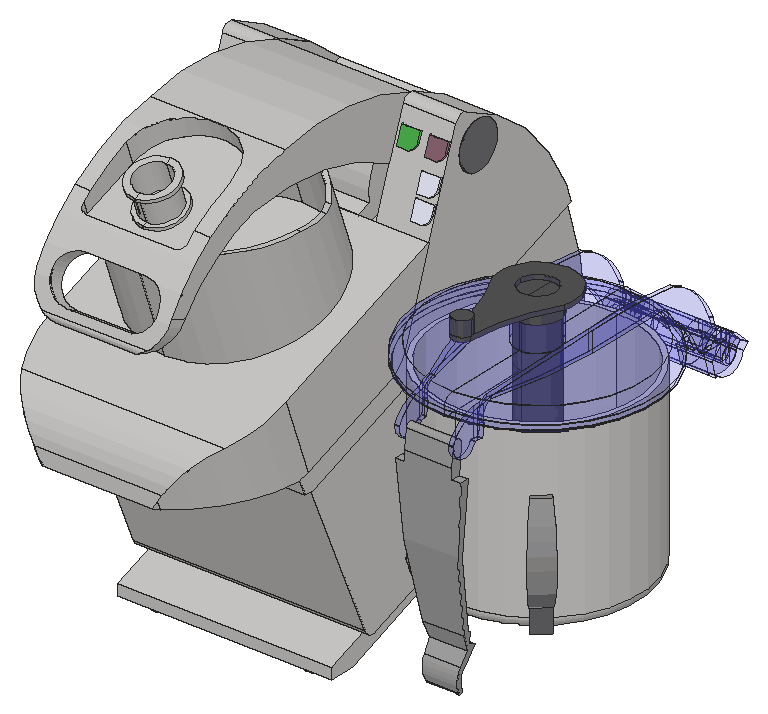
Revit family "QF_ELECTROLUXPROFESSIONAL_600493_TRK45YU", category Specialty Equipment, Revit 2018
Family settings
  Round Connector Dimension = Use Diameter
  Part Type = Normal
  Work Plane-Based = No
  Always vertical = Yes
  Cut with Voids When Loaded = No
  Shared = No
  Room Calculation Point = No
Parameters (values of type "QF_ELECTROLUX_600493_TRK45YU")
  Weight = 27.40 kg
  Watts = 0 W
  Volts = 110 V
  URL Manufacturer = "http://professional.electrolux.com"
  URL = "http://professional.electrolux.com"
  Steam Supply Size = 0 mm
  Steam Supply Minimum Pressure = 0.0 Pa
  Steam Supply Maximum Pressure = 0.0 Pa
  Steam Pounds per Hour = 0
  Refrigeration Suction Line Size = 0 mm
  Refrigeration Liquid Line Size = 0 mm
  Refrigerant Compressor Remote = yes
  Manufacturer = "Electrolux"
  Phase = 1
  Model = "TRK45YU"
  Length Actual = 252 mm  # constant formula
  Item Number = "600493"
  Hot Water Size = 0 mm
  Height Actual = 505 mm  # constant formula
  HP = "1.3 HP"
  Gas Size = 0 mm
  Gas KW = 0
  Gas Input Pressure = 0 W
  Direct Waste Size = 0 mm
  Description = "CUTTER/SLICER 4.5L VARIAB.SPEED-1000W-100-120/1/50-60-US"
  Depth Actual = 485 mm  # constant formula
  Cycle = 60 Hz
  Condensate Return Size = 0 mm
  Compressed Air Volume = 0.0 L/s
  Compressed Air Size = 0 mm
  Compressed Air Pressure = 0.0 Pa
  Cold Water Size = 0 mm
  Accessory = yes
Reference planes
  plane 1 "Center (Front/Back)": y = 0
  plane 2: z = 0
  plane 3 "Center (Left/Right)": x = 0
  plane 4 "BASE": through (-1506.947, -1354.442, -482.669) normal (0, -0.342, 0.9397)
  plane 5 "TOP": z = 725
  plane 6 "FRONT": y = -250
  plane 7 "BACK": y = 250
  plane 8 "LEFT": x = -126
  plane 9 "RIGHT": x = 126
  plane 10 "BaseSup": through (4267.2, -355.454, 143.983) normal (0, -0.342, 0.9397)
  plane 11 "TopCylinder": z = 505
  plane 12 "panel": through (4267.2, 37.396, 376.789) normal (0, -0.9397, 0.342)
  plane 13 "TAN1": through (4267.2, -242.8, 386.84) normal (0, -0.868, 0.4965)
  plane 14 "cx": x = -4.392
  plane 15: z = 490
  plane 16: z = 685
  plane 17 "EI_1": z = 320
  plane 18: z = 224
  plane 19 "SupportOblique": through (4267.2, 163.975, 96.815) normal (0, 0.809, 0.5878)
  plane 20 "CX2": x = 350
Forms (mm)
  Extrusion 1, solid, material "QF_Finishes_Stainless Steel"
    sketch origin (0, 71.755, 29.173) x (0, 0.939693, 0.34202) y (0, -0.34202, 0.939693)
      loop
        line (196.964, 40) -> (-146.726, 40) -> (-150.519, 29.578) -> (-124.204, 20) -> (196.964, 20) -> (196.964, 40)
    from -114.1 to 114.1
  Extrusion 2, solid, material "QF_Finishes_Stainless Steel"
    sketch origin (0, 71.755, 29.173) x (0, 0.939693, 0.34202) y (0, -0.34202, 0.939693)
      loop
        arc (-117.754, 231.836) -> (-115.679, 141.222) -> (-107.501, 50.953) r 1344.145
        arc (-107.501, 50.953) -> (-103.371, 43.13) -> (-95.098, 40) r 12.5
        line (-95.098, 40) -> (191.415, 40)
        arc (191.415, 40) -> (200.799, 44.052) -> (207.001, 52.177) r 20.212
        arc (207.001, 52.177) -> (236.663, 139.796) -> (245.906, 231.836) r 409.593
        line (245.906, 231.836) -> (-117.754, 231.836)
    from -123.6 to 123.2
  Extrusion 3, solid, material "QF_Finishes_Stainless Steel"
    sketch origin (0, 71.755, 29.173) x (0, 0.939693, 0.34202) y (0, -0.34202, 0.939693)
      loop
        line (-117.754, 231.836) -> (250, 231.836) -> (250, 254)
        arc (250, 254) -> (225.127, 344.7) -> (167.861, 419.303) r 244.524
        arc (167.861, 419.303) -> (160.498, 421.774) -> (153.587, 418.23) r 10
        line (153.587, 418.23) -> (25.432, 265.5)
        arc (25.432, 265.5) -> (14.376, 257.016) -> (0.77, 254) r 32.194
        line (0.77, 254) -> (-128.224, 254) -> (-128.224, 236.946) -> (-117.754, 231.836)
    from -125 to 125
  Extrusion 4, void
    sketch origin (0, 71.755, 29.173) x (0, 0.939693, 0.34202) y (0, -0.34202, 0.939693)
      loop
        line (146.605, 338.403) -> (228.145, 338.403)
        arc (228.145, 338.403) -> (202.221, 381.996) -> (167.861, 419.303) r 244.524
        arc (167.861, 419.303) -> (160.498, 421.774) -> (153.587, 418.23) r 10
        line (153.587, 418.23) -> (72.34, 321.403) -> (146.605, 321.403) -> (146.605, 338.403)
    from -76.755 to 68.071
  Extrusion 5, solid, material "QF_Finishes_Stainless Steel"
    sketch origin (0, 71.755, 29.173) x (0, 0.939693, 0.34202) y (0, -0.34202, 0.939693)
      loop
        line (86.605, 338.403) -> (69.605, 321.403) -> (146.605, 321.403) -> (146.605, 338.403) -> (138.179, 338.403) -> (138.179, 369.367)
        arc (138.179, 369.367) -> (147.784, 373.474) -> (158.149, 372.174) r 19.987
        arc (158.149, 372.174) -> (156.791, 382.001) -> (162.888, 389.826) r 12.748
        arc (162.888, 389.826) -> (123.302, 374.774) -> (101.605, 338.403) r 64.447
        line (101.605, 338.403) -> (86.605, 338.403)
    from -65 to 50
  Extrusion 6, solid, material "QF_Finishes_Stainless Steel"
    sketch origin (539, 71.755, 29.173) x (0, -0.939693, -0.34202) y (0, -0.34202, 0.939693)
      loop
        circle (-169.102, 378.696) r 12.748
    from 489 to 604
  Extrusion 7, solid, material "QF_Finishes_Rubber Black"
    sketch origin (0, 71.755, 29.173) x (0, 0.939693, 0.34202) y (0, -0.34202, 0.939693)
      loop
        circle (169.102, 378.696) r 25
    from 125 to 126.6
  Extrusion 8, solid, material "QF_Finishes_Green"
    sketch origin (-10, -113.728, -38.42) x (0, -0.34202, -0.939693) y (1, 0, 0)
      loop
        line (-529.862, 82.865) -> (-509.862, 82.865) -> (-509.862, 92.865)
        arc (-509.862, 92.865) -> (-512.791, 99.936) -> (-519.862, 102.865) r 10
        line (-519.862, 102.865) -> (-529.862, 102.865) -> (-529.862, 82.865)
    from 0 to 1.6
  Extrusion 9, solid, material "QF_Finishes_Red"
    sketch origin (20, -113.728, -38.42) x (0, -0.34202, -0.939693) y (1, 0, 0)
      loop
        line (-529.862, 82.865) -> (-509.862, 82.865) -> (-509.862, 92.865)
        arc (-509.862, 92.865) -> (-512.791, 99.936) -> (-519.862, 102.865) r 10
        line (-519.862, 102.865) -> (-529.862, 102.865) -> (-529.862, 82.865)
    from 0 to 1.6
  Extrusion 10, solid, material "QF_Finishes_Rubber Black"
    sketch origin (-20, -293.925, 99.376) x (0, -1, 0) y (1, 0, 0)
      loop
        circle (-230.144, 103.748) r 10
      loop
        circle (-230.144, -61.252) r 10
    from 9.274 to 3.787
  Extrusion 11, void
    sketch origin (-20.94, 306.731, 139.428) x (-1, 0, 0) y (0, -0.34202, 0.939693)
      loop
        circle (-20.94, 196.093) r 10
    from -1.916 to -26.433
  Extrusion 12, solid, material "QF_Finishes_Stainless Steel"
    sketch origin (-20.94, 306.678, 139.573) x (-1, 0, 0) y (0, -0.34202, 0.939693)
      loop
        circle (-20.94, 195.939) r 9.999
    from -8.514 to -26.433
  Extrusion 13, solid, material "QF_Finishes_Stainless Steel"
    sketch origin (0, -15.119, 267.855) x (0, -0.939693, -0.34202) y (1, 0, 0)
      loop
        line (-86.605, -125) -> (117.754, -125)
        arc (117.754, -125) -> (182.577, -108.838) -> (232.224, -64.135) r 138.076
        arc (232.224, -64.135) -> (246.337, -33.516) -> (250, 0) r 104.824
        arc (250, 0) -> (246.337, 33.516) -> (232.224, 64.135) r 104.824
        arc (232.224, 64.135) -> (182.577, 108.838) -> (117.754, 125) r 138.076
        line (117.754, 125) -> (-86.605, 125) -> (-86.605, -125)
    from 0 to 84.403
  Extrusion 14, void
    sketch origin (0, 71.755, 29.173) x (0, 0.939693, 0.34202) y (0, -0.34202, 0.939693)
      loop
        line (-183.149, 338.403) -> (-263.395, 338.403) -> (-263.395, 254) -> (-128.224, 254) -> (-235.716, 293.124) -> (-229.509, 307.133)
        arc (-229.509, 307.133) -> (-211.109, 329.855) -> (-183.149, 338.403) r 50
      loop
        line (86.605, 338.403) -> (25.432, 265.5)
        arc (25.432, 265.5) -> (14.376, 257.016) -> (0.77, 254) r 32.194
        line (0.77, 254) -> (86.605, 254) -> (86.605, 338.403)
    from -156.555 to 144.79
  Extrusion 15, solid, material "QF_Finishes_Rubber Black"
    sketch origin (-20, -255.757, 37.007) x (0, -0.939693, -0.34202) y (1, 0, 0)
      loop
        circle (-230.144, 103.748) r 10
      loop
        circle (-230.144, -61.252) r 10
    from -1.968 to 3.787
  Extrusion 16, solid, material "QF_Finishes_Stainless Steel"
    sketch origin (0, 0, 0) x (0, 1, 0) y (0, 0, 1)
      loop
        arc (-237.987, 360.286) -> (-193.334, 422.101) -> (-125.907, 457.716) r 167.502
        arc (-125.907, 457.716) -> (-32.614, 457.202) -> (54.785, 424.565) r 266.494
        line (54.785, 424.565) -> (73.036, 474.711)
        arc (73.036, 474.711) -> (77.269, 479.853) -> (83.792, 481.198) r 10
        arc (83.792, 481.198) -> (1.801, 503.572) -> (-83.051, 498.734) r 263.981
        arc (-83.051, 498.734) -> (-135.605, 484.534) -> (-183.511, 458.675) r 236.13
        arc (-183.511, 458.675) -> (-222.818, 420.732) -> (-248.457, 372.49) r 174.407
        arc (-248.457, 372.49) -> (-249.83, 368.135) -> (-247.05, 364.513) r 4.945
        line (-247.05, 364.513) -> (-237.987, 360.286)
    from -76.755 to 68.071
  Extrusion 17, void
    sketch origin (0, -252.846, 369.279) x (0, -0.496521, -0.868025) y (1, 0, 0)
      loop
        line (-13.723, -36.755) -> (-13.723, 28.071)
        arc (-13.723, 28.071) -> (-38.723, 53.071) -> (-63.723, 28.071) r 25
        line (-63.723, 28.071) -> (-63.723, -36.755)
        arc (-63.723, -36.755) -> (-38.723, -61.755) -> (-13.723, -36.755) r 25
    from -148.493 to 7.125
  Extrusion 18, void
    sketch origin (0, -88.076, 32.057) x (0, -0.34202, -0.939693) y (1, 0, 0)
      loop
        line (-257.162, 68.071) -> (-297.162, 68.071)
        arc (-297.162, 68.071) -> (-268.878, 56.356) -> (-257.162, 28.071) r 40
        line (-257.162, 28.071) -> (-257.162, 68.071)
      loop
        line (-257.162, -76.755) -> (-257.162, -36.755)
        arc (-257.162, -36.755) -> (-268.878, -65.039) -> (-297.162, -76.755) r 40
        line (-297.162, -76.755) -> (-257.162, -76.755)
    from 233.374 to 280.473
  Extrusion 19, void
    sketch origin (0, -73.76, 246.511) x (0, -0.939693, -0.34202) y (1, 0, 0)
      loop
        spline (50.415, 43.499) -> (50.302, 44.538) -> (50.07, 45.551) -> (49.722, 46.523) -> (49.265, 47.436) -> (48.705, 48.278) -> (48.053, 49.034) -> (47.317, 49.692) -> (46.511, 50.241) -> (45.647, 50.674) -> (44.738, 50.981) -> (43.801, 51.16) -> (42.848, 51.221)
        line (42.848, 51.221) -> (-21.826, 51.221)
        arc (-21.826, 51.221) -> (-77.476, -4.429) -> (-21.826, -60.078) r 55.65
        line (-21.826, -60.078) -> (42.849, -60.064)
        spline (42.849, -60.064) -> (43.796, -60.017) -> (44.73, -59.836) -> (45.637, -59.525) -> (46.5, -59.088) -> (47.306, -58.532) -> (48.042, -57.867) -> (48.695, -57.103) -> (49.256, -56.253) -> (49.715, -55.331) -> (50.065, -54.351) -> (50.3, -53.329) -> (50.415, -52.283)
        line (50.415, -52.283) -> (50.415, 43.499)
    from 219.928 to 259.975
  Extrusion 20, void
    sketch origin (0, -87.856, 241.381) x (0, -0.939693, -0.34202) y (1, 0, 0)
      loop
        circle (-4.976, -4.429) r 22.5
    from 184.171 to 259.975
  Extrusion 21, solid, material "QF_Finishes_Stainless Steel"
    sketch origin (0, -57.13, 252.564) x (0, -0.939693, -0.34202) y (1, 0, 0)
      loop
        circle (-27.476, -4.429) r 100
      loop
        circle (-27.476, -4.429) r 95
    from 84.403 to 219.928
  Extrusion 22, void
    sketch origin (539, 0, 0) x (0, -1, 0) y (0, 0, 1)
      loop
        line (-7.229, 448.453) -> (38.883, 431.669) -> (53.883, 431.669) -> (97.232, 435.738) -> (172.232, 435.738) -> (200.5, 434.424) -> (12.562, 502.828) -> (-7.229, 448.453)
    from 424.9 to 664
  Revolve 23, solid, material "QF_Finishes_Stainless Steel"
    sketch origin (-4.392, 0, 0) x (0, 1, 0) y (0, 0, 1)
      loop
        line (-159.523, 452.833) -> (-177.266, 446.376) -> (-188.766, 477.973) -> (-195.199, 475.631) -> (-193.959, 472.225) -> (-189.261, 473.935) -> (-179, 445.744) -> (-183.698, 444.034) -> (-182.575, 440.948) -> (-179.543, 442.052) -> (-133.191, 314.7) -> (-112.048, 322.396) -> (-159.523, 452.833)
      axis (-112.048, 322.396) -> (-171.023, 484.431)
    angle from 0 to 360
  Extrusion 24, solid, material "QF_Door-Drawer Clearances", detail levels coarse
    sketch origin (0, -262.072, 735.095) x (0, -0.581279, -0.813704) y (0, 0.813704, -0.581279)
      loop
        arc (-237.987, 360.286) -> (-193.334, 422.101) -> (-125.907, 457.716) r 167.502
        arc (-125.907, 457.716) -> (-61.925, 460.915) -> (0.971, 448.753) r 266.494
        arc (0.971, 448.753) -> (-2.208, 475.472) -> (-2.432, 502.379) r 244.524
        arc (-2.432, 502.379) -> (-31.549, 503.211) -> (-60.594, 500.999) r 278.64
        arc (-60.594, 500.999) -> (-125.023, 488.463) -> (-183.511, 458.675) r 236.13
        arc (-183.511, 458.675) -> (-222.818, 420.732) -> (-248.457, 372.49) r 174.407
        arc (-248.457, 372.49) -> (-249.83, 368.135) -> (-247.05, 364.513) r 4.945
        line (-247.05, 364.513) -> (-237.987, 360.286)
    from -76.755 to 68.071
  Extrusion 25, solid, material "QF_Door-Drawer Clearances", detail levels coarse
    sketch origin (-4.392, 0, -55) x (0, 1, 0) y (0, 0, 1)
      loop
        arc (180.062, 780.324) -> (-149.234, 694.151) -> (-249.905, 368.994) r 350.321
        line (-249.905, 368.994) -> (-246.546, 377.767)
        arc (-246.546, 377.767) -> (-144.345, 691.9) -> (174.993, 776.44) r 345.321
        line (174.993, 776.44) -> (180.062, 780.324)
    from -60 to 60
  Extrusion 26, solid, material "QF_Finishes_Rubber Black"
    sketch origin (-20, -20.834, 122.512) x (0, -0.939693, -0.34202) y (1, 0, 0)
      loop
        circle (-230.144, 103.748) r 10
      loop
        circle (-230.144, -61.252) r 10
    from -1.968 to 3.787
  Extrusion 27, void
    sketch origin (-4.392, 0, 0) x (0, 1, 0) y (0, 0, 1)
      loop
        circle (163.975, 96.815) r 5.399
    from -121.608 to 130.392
  Sweep 28, solid, material "QF_Finishes_Stainless Steel"
    path origin (0, 153.361, 111.423) x (0, -0.587785, 0.809017) y (1, 0, 0)
      loop
        line (-133.401, 56) -> (-133.401, 112.5)
        arc (-133.401, 112.5) -> (-130.472, 119.571) -> (-123.401, 122.5) r 10
        line (-123.401, 122.5) -> (-28.058, 122.5)
        arc (-28.058, 122.5) -> (-20.987, 119.571) -> (-18.058, 112.5) r 10
        line (-18.058, 112.5) -> (-18.058, -112.5)
        arc (-18.058, -112.5) -> (-20.987, -119.571) -> (-28.058, -122.5) r 10
        line (-28.058, -122.5) -> (-123.401, -122.5)
        arc (-123.401, -122.5) -> (-130.472, -119.571) -> (-133.401, -112.5) r 10
        line (-133.401, -112.5) -> (-133.401, -56)
    profile origin (84.25, 231.772, 3.5) x (0, 0.587785, -0.809017) y (0, 0.809017, 0.587785)
      loop
        circle (0, 0) r 3.5
  Extrusion 29, void
    sketch origin (-4.392, 0, 0) x (0, 1, 0) y (0, 0, 1)
      loop
        line (50.281, 42.641) -> (71.708, 50.44) -> (64.376, 57.771) -> (50.281, 52.641) -> (50.281, 42.641)
    from -119.208 to -51.608
  Extrusion 30, void
    sketch origin (4.392, 0, 0) x (0, 1, 0) y (0, 0, -1)
      loop
        line (50.281, -42.641) -> (50.281, -52.641) -> (64.376, -57.771) -> (71.708, -50.44) -> (50.281, -42.641)
    from -119.208 to -51.608
  Extrusion 31, solid, material "QF_Door-Drawer Clearances", detail levels coarse
    sketch origin (350, -160.4, -17.118) x (0, -0.34202, -0.939693) y (0, -0.939693, 0.34202)
      loop
        line (-206.754, 118.191) -> (-331.133, -223.538)
        arc (-331.133, -223.538) -> (-241.482, -246.331) -> (-149.003, -248.426) r 409.593
        arc (-149.003, -248.426) -> (-139.246, -245.378) -> (-132.229, -237.945) r 20.212
        line (-132.229, -237.945) -> (-34.236, 31.289)
        arc (-34.236, 31.289) -> (-34.347, 40.134) -> (-40.286, 46.691) r 12.5
        arc (-40.286, 46.691) -> (-122.314, 85.249) -> (-206.754, 118.191) r 1344.145
    from -123.6 to 123.2
  Extrusion 32, solid, material "QF_Door-Drawer Clearances", detail levels coarse
    sketch origin (350, -160.4, -17.118) x (0, -0.34202, -0.939693) y (0, -0.939693, 0.34202)
      loop
        line (-134.127, -243.16) -> (-115.333, -250) -> (-5.487, 51.799) -> (-5.487, 79.803) -> (-16.578, 79.803) -> (-134.127, -243.16)
    from -114.1 to 114.1
  Extrusion 33, solid, material "QF_Door-Drawer Clearances", detail levels coarse
    sketch origin (330, -388.076, 105.131) x (0, -1, 0) y (1, 0, 0)
      loop
        circle (-230.144, 103.748) r 10
      loop
        circle (-230.144, -61.252) r 10
    from -1.968 to 3.787
  Extrusion 34, solid, material "QF_Door-Drawer Clearances", detail levels coarse
    sketch origin (330, -138.076, 105.131) x (0, -1, 0) y (1, 0, 0)
      loop
        circle (-230.144, 103.748) r 10
      loop
        circle (-230.144, -61.252) r 10
    from -1.968 to 3.787
  Extrusion 35, solid, material "QF_Door-Drawer Clearances", detail levels coarse
    sketch origin (0, 250, 0) x (-1, 0, 0) y (0, 0, 1)
      loop
        circle (-350, 200) r 10
    from -89.12 to -78.665
  Extrusion 36, solid, material "QF_Finishes_White"
    sketch origin (20, -124.661, -68.457) x (0, -0.34202, -0.939693) y (1, 0, 0)
      loop
        line (-529.862, 82.865) -> (-509.862, 82.865) -> (-509.862, 92.865)
        arc (-509.862, 92.865) -> (-512.791, 99.936) -> (-519.862, 102.865) r 10
        line (-519.862, 102.865) -> (-529.862, 102.865) -> (-529.862, 82.865)
    from 0 to 1.6
  Extrusion 37, solid, material "QF_Finishes_White"
    sketch origin (20, -132.869, -91.01) x (0, -0.34202, -0.939693) y (1, 0, 0)
      loop
        line (-529.862, 82.865) -> (-509.862, 82.865) -> (-509.862, 92.865)
        arc (-509.862, 92.865) -> (-512.791, 99.936) -> (-519.862, 102.865) r 10
        line (-519.862, 102.865) -> (-529.862, 102.865) -> (-529.862, 82.865)
    from 0 to 1.6
Cuts and joins
  Extrusion 4, Extrusion 18, Extrusion 19, Extrusion 20 cuts Extrusion 3
  Extrusion 14, Extrusion 18, Extrusion 19, Extrusion 20 cuts Extrusion 13
  Extrusion 17, Extrusion 18, Extrusion 19, Extrusion 20 cuts Extrusion 16
  Extrusion 11, Extrusion 19, Extrusion 20 cuts Extrusion 2
  Extrusion 22 cuts Extrusion 21
  Extrusion 27, Extrusion 29, Extrusion 30 cuts Extrusion 1
Lines and regions (mm)
  Split face 1
    outline origin (125, 73.036, 474.711) x (-1, 0, 0) y (0, -0.34202, -0.939693)
      loop
        arc (0, 8) -> (1.464, 4.464) -> (5, 3) r 5
        line (5, 3) -> (51.929, 3)
        arc (51.929, 3) -> (55.464, 4.464) -> (56.929, 8) r 5
        line (56.929, 8) -> (56.929, 96.206)
        arc (56.929, 96.206) -> (55.464, 99.742) -> (51.929, 101.206) r 5
        line (51.929, 101.206) -> (5, 101.206)
        arc (5, 101.206) -> (1.464, 99.742) -> (0, 96.206) r 5
        line (0, 96.206) -> (0, 8)
  symbolic lines
    curve 1: line (-76.755, 170.4, 0) -> (-76.755, -235.217, 0)
    curve 2: line (68.071, -235.135, 0) -> (68.071, 170.4, 0)
    curve 3: line (-76.755, 83.792, 0) -> (68.071, 83.792, 0)
    curve 4: line (-76.755, 170.4, 0) -> (68.071, 170.4, 0)
    curve 5: line (68.071, -83.051, 0) -> (-76.755, -83.051, 0)
    curve 6: line (-60.078, -136.967, 0) -> (51.221, -136.967, 0)
    curve 7: line (-60.078, -128.47, 0) -> (-60.078, -194.06, 0)
    curve 8: line (51.221, -193.76, 0) -> (51.221, -128.47, 0)
    curve 9: spline (-52.282, -199.891, 0) -> (-53.276, -199.815, 0) -> (-54.25, -199.647, 0) -> (-55.19, -199.39, 0) -> (-56.081, -199.046, 0) -> (-56.909, -198.622, 0) -> (-57.663, -198.124, 0) -> (-58.331, -197.559, 0) -> (-58.902, -196.936, 0) -> (-59.369, -196.264, 0) -> (-59.724, -195.553, 0) -> (-59.961, -194.815, 0) -> (-60.078, -194.06, 0)
    curve 10: line (43.499, -199.901, 0) -> (-52.283, -199.901, 0)
    curve 11: spline (51.218, -193.76, 0) -> (51.156, -194.554, 0) -> (50.964, -195.333, 0) -> (50.645, -196.085, 0) -> (50.204, -196.798, 0) -> (49.648, -197.459, 0) -> (48.986, -198.058, 0) -> (48.229, -198.586, 0) -> (47.39, -199.033, 0) -> (46.483, -199.392, 0) -> (45.521, -199.658, 0) -> (44.521, -199.826, 0) -> (43.499, -199.893, 0)
    curve 12: spline (-4.392, -146.848, 0) -> (-11.05, -147.672, 0) -> (-17.255, -150.087, 0) -> (-22.583, -153.929, 0) -> (-26.672, -158.936, 0) -> (-29.242, -164.766, 0) -> (-30.119, -171.023, 0) -> (-29.242, -177.28, 0) -> (-26.672, -183.111, 0) -> (-22.583, -188.118, 0) -> (-17.255, -191.96, 0) -> (-11.05, -194.375, 0) -> (-4.392, -195.199, 0)
    curve 13: spline (-4.392, -195.199, 0) -> (2.267, -194.375, 0) -> (8.472, -191.96, 0) -> (13.8, -188.118, 0) -> (17.888, -183.111, 0) -> (20.459, -177.28, 0) -> (21.335, -171.023, 0) -> (20.459, -164.766, 0) -> (17.888, -158.936, 0) -> (13.8, -153.929, 0) -> (8.472, -150.087, 0) -> (2.267, -147.672, 0) -> (-4.392, -146.848, 0)
    curve 14: spline (-4.392, -188.766, 0) -> (-9.279, -188.162, 0) -> (-13.832, -186.389, 0) -> (-17.743, -183.569, 0) -> (-20.744, -179.895, 0) -> (-22.63, -175.616, 0) -> (-23.273, -171.023, 0) -> (-22.63, -166.431, 0) -> (-20.744, -162.152, 0) -> (-17.743, -158.477, 0) -> (-13.832, -155.658, 0) -> (-9.279, -153.885, 0) -> (-4.392, -153.281, 0)
    curve 15: spline (-4.392, -153.281, 0) -> (0.495, -153.885, 0) -> (5.049, -155.658, 0) -> (8.96, -158.477, 0) -> (11.96, -162.152, 0) -> (13.846, -166.431, 0) -> (14.49, -171.023, 0) -> (13.846, -175.616, 0) -> (11.96, -179.895, 0) -> (8.96, -183.569, 0) -> (5.049, -186.389, 0) -> (0.495, -188.162, 0) -> (-4.392, -188.766, 0)
    curve 16: spline (-22.254, -165.273, 0) -> (-20.617, -168.597, 0) -> (-18.289, -171.534, 0) -> (-15.368, -173.96, 0) -> (-11.98, -175.77, 0) -> (-8.268, -176.888, 0) -> (-4.392, -177.266, 0) -> (-0.515, -176.888, 0) -> (3.197, -175.77, 0) -> (6.585, -173.96, 0) -> (9.505, -171.534, 0) -> (11.834, -168.597, 0) -> (13.471, -165.273, 0)
    curve 17: spline (21.106, -162.743, 0) -> (21.02, -155.749, 0) -> (18.807, -149.071, 0) -> (14.651, -143.268, 0) -> (8.902, -138.825, 0) -> (2.04, -136.115, 0) -> (-5.361, -135.365, 0) -> (-12.68, -136.637, 0) -> (-19.306, -139.824, 0) -> (-24.683, -144.661, 0) -> (-28.361, -150.742, 0) -> (-30.034, -157.558, 0) -> (-29.559, -164.538, 0)
    curve 18: spline (15.591, -154.349, 0) -> (13.851, -150.277, 0) -> (11.185, -146.674, 0) -> (7.729, -143.723, 0) -> (3.657, -141.574, 0) -> (-0.824, -140.337, 0) -> (-5.485, -140.073, 0) -> (-10.091, -140.797, 0) -> (-14.408, -142.471, 0) -> (-18.216, -145.011, 0) -> (-21.322, -148.287, 0) -> (-23.569, -152.134, 0) -> (-24.843, -156.356, 0)
    curve 19: line (-36.755, -245.358, 0) -> (-36.755, -220.255, 0)
    curve 20: line (28.071, -220.255, 0) -> (28.071, -245.358, 0)
    curve 21: line (-36.755, -220.255, 0) -> (28.071, -220.255, 0)
    curve 22: line (-36.755, -231.961, 0) -> (28.071, -231.961, 0)
    curve 23: line (28.071, -245.358, 0) -> (-36.755, -245.358, 0)
    curve 24: arc (-36.755, -231.961, 0) -> (-47.346, -230.66, 0) -> (-57.309, -226.836, 0) r 43.78
    curve 25: arc (28.071, -231.961, 0) -> (38.611, -230.648, 0) -> (48.525, -226.836, 0) r 43.78
    curve 26: line (108.532, -216.09, 0) -> (68.016, -248.959, 0)
    curve 27: spline (108.532, -216.09, 0) -> (111.117, -211.341, 0) -> (113.492, -206.496, 0) -> (115.654, -201.564, 0) -> (117.598, -196.552, 0) -> (119.32, -191.469, 0) -> (120.82, -186.324, 0) -> (122.092, -181.125, 0) -> (123.137, -175.882, 0) -> (123.951, -170.603, 0) -> (124.533, -165.296, 0) -> (124.883, -159.972, 0) -> (125, -154.639, 0)
    curve 28: line (125, -154.639, 0) -> (125, 227.385, 0)
    curve 29: spline (63.971, -249.433, 0) -> (63.542, -249.481, 0) -> (63.11, -249.529, 0) -> (62.674, -249.577, 0) -> (62.235, -249.624, 0) -> (61.792, -249.672, 0) -> (61.346, -249.719, 0) -> (60.896, -249.766, 0) -> (60.442, -249.813, 0) -> (59.985, -249.86, 0) -> (59.525, -249.907, 0) -> (59.06, -249.954, 0) -> (58.593, -250, 0)
    curve 30: spline (68.016, -248.959, 0) -> (67.688, -248.999, 0) -> (67.358, -249.038, 0) -> (67.026, -249.078, 0) -> (66.693, -249.118, 0) -> (66.359, -249.157, 0) -> (66.022, -249.197, 0) -> (65.684, -249.236, 0) -> (65.345, -249.276, 0) -> (65.004, -249.315, 0) -> (64.661, -249.354, 0) -> (64.317, -249.394, 0) -> (63.971, -249.433, 0)
    curve 31: line (-68.016, -248.959, 0) -> (68.016, -248.959, 0)
    curve 32: line (-68.016, -248.959, 0) -> (-108.532, -216.09, 0)
    curve 33: spline (-63.971, -249.433, 0) -> (-64.317, -249.394, 0) -> (-64.661, -249.354, 0) -> (-65.004, -249.315, 0) -> (-65.345, -249.276, 0) -> (-65.684, -249.236, 0) -> (-66.022, -249.197, 0) -> (-66.359, -249.157, 0) -> (-66.693, -249.118, 0) -> (-67.026, -249.078, 0) -> (-67.358, -249.038, 0) -> (-67.688, -248.999, 0) -> (-68.016, -248.959, 0)
    curve 34: spline (-58.593, -250, 0) -> (-59.06, -249.954, 0) -> (-59.525, -249.907, 0) -> (-59.985, -249.86, 0) -> (-60.442, -249.813, 0) -> (-60.896, -249.766, 0) -> (-61.346, -249.719, 0) -> (-61.792, -249.672, 0) -> (-62.235, -249.624, 0) -> (-62.674, -249.577, 0) -> (-63.11, -249.529, 0) -> (-63.542, -249.481, 0) -> (-63.971, -249.433, 0)
    curve 35: line (-76.755, -235.217, 0) -> (-60.604, -248.457, 0)
    curve 36: spline (-125, -154.639, 0) -> (-124.883, -159.972, 0) -> (-124.533, -165.296, 0) -> (-123.951, -170.603, 0) -> (-123.137, -175.882, 0) -> (-122.092, -181.125, 0) -> (-120.82, -186.324, 0) -> (-119.32, -191.469, 0) -> (-117.598, -196.552, 0) -> (-115.654, -201.564, 0) -> (-113.492, -206.496, 0) -> (-111.117, -211.341, 0) -> (-108.532, -216.09, 0)
    curve 37: line (-125, 227.385, 0) -> (-125, -154.639, 0)
    curve 38: arc (-76.755, -160.023, 0) -> (-93.256, -130.498, 0) -> (-99.37, -97.232, 0) r 103.622
    curve 39: arc (-76.755, -168.026, 0) -> (-96.901, -135.101, 0) -> (-104.377, -97.232, 0) r 109.55
    curve 40: spline (-99.395, -97.232, 0) -> (-99.428, -93.546, 0) -> (-99.341, -89.86, 0) -> (-99.135, -86.178, 0) -> (-98.81, -82.506, 0) -> (-98.367, -78.845, 0) -> (-97.806, -75.201, 0) -> (-97.127, -71.576, 0) -> (-96.331, -67.976, 0) -> (-95.419, -64.402, 0) -> (-94.392, -60.86, 0) -> (-93.251, -57.352, 0) -> (-91.998, -53.883, 0)
    curve 41: arc (-91.998, -53.883, 0) -> (-88.614, -46.234, 0) -> (-84.624, -38.883, 0) r 103.541
    curve 42: spline (-84.624, -38.883, 0) -> (-84.026, -38.009, 0) -> (-83.417, -37.142, 0) -> (-82.798, -36.282, 0) -> (-82.167, -35.428, 0) -> (-81.527, -34.582, 0) -> (-80.876, -33.742, 0) -> (-80.214, -32.91, 0) -> (-79.543, -32.085, 0) -> (-78.861, -31.267, 0) -> (-78.169, -30.457, 0) -> (-77.467, -29.655, 0) -> (-76.755, -28.86, 0)
    curve 43: spline (-90.488, -38.883, 0) -> (-89.506, -37.356, 0) -> (-88.492, -35.846, 0) -> (-87.448, -34.355, 0) -> (-86.375, -32.883, 0) -> (-85.271, -31.43, 0) -> (-84.139, -29.997, 0) -> (-82.978, -28.585, 0) -> (-81.788, -27.193, 0) -> (-80.571, -25.823, 0) -> (-79.326, -24.476, 0) -> (-78.054, -23.15, 0) -> (-76.755, -21.847, 0)
    curve 44: arc (-97.398, -53.883, 0) -> (-94.227, -46.252, 0) -> (-90.488, -38.883, 0) r 109.406
    curve 45: spline (-104.397, -97.232, 0) -> (-104.428, -93.553, 0) -> (-104.346, -89.875, 0) -> (-104.151, -86.201, 0) -> (-103.844, -82.535, 0) -> (-103.425, -78.879, 0) -> (-102.894, -75.238, 0) -> (-102.252, -71.615, 0) -> (-101.499, -68.013, 0) -> (-100.637, -64.435, 0) -> (-99.665, -60.886, 0) -> (-98.585, -57.367, 0) -> (-97.398, -53.883, 0)
    curve 46: spline (-104.429, -60.179, 0) -> (-104.227, -54.213, 0) -> (-103.623, -48.272, 0) -> (-102.618, -42.379, 0) -> (-101.218, -36.558, 0) -> (-99.427, -30.832, 0) -> (-97.253, -25.224, 0) -> (-94.704, -19.758, 0) -> (-91.791, -14.454, 0) -> (-88.526, -9.335, 0) -> (-84.922, -4.421, 0) -> (-80.993, 0.268, 0) -> (-76.755, 4.714, 0)
    curve 47: line (-104.429, -60.179, 0) -> (-104.429, -91.125, 0)
    curve 48: line (-125, 37.396, 0) -> (-76.755, 37.396, 0)
    curve 49: line (-125, 227.385, 0) -> (125, 227.385, 0)
    curve 50: line (-125, 219.805, 0) -> (125, 219.805, 0)
    curve 51: line (-65, 113.885, 0) -> (50, 113.885, 0)
    curve 52: line (50, 113.885, 0) -> (50, 83.792, 0)
    curve 53: line (-65, 113.885, 0) -> (-65, 83.792, 0)
    curve 54: line (-65, 91.491, 0) -> (50, 91.491, 0)
    curve 55: line (50, 93.777, 0) -> (68.071, 93.777, 0)
    curve 56: line (-65, 93.777, 0) -> (-76.755, 93.777, 0)
    curve 57: line (72.865, 68.37, 0) -> (92.865, 68.37, 0)
    curve 58: line (72.865, 60.026, 0) -> (72.865, 68.37, 0)
    curve 59: line (82.865, 60.026, 0) -> (72.865, 60.026, 0)
    curve 60: line (92.865, 68.37, 0) -> (92.865, 63.446, 0)
    curve 61: line (-123.6, 250, 0) -> (123.2, 250, 0)
    curve 62: line (123.2, 227.385, 0) -> (123.2, 250, 0)
    curve 63: line (-123.6, 227.385, 0) -> (-123.6, 250, 0)
    curve 64: line (68.071, 37.396, 0) -> (125, 37.396, 0)
    curve 65: line (68.071, -235.135, 0) -> (51.82, -248.457, 0)
    curve 66: arc (68.071, -159.898, 0) -> (84.5, -130.423, 0) -> (90.587, -97.232, 0) r 103.622
    curve 67: arc (68.071, -167.913, 0) -> (88.145, -135.031, 0) -> (95.593, -97.232, 0) r 109.55
    curve 68: spline (90.612, -97.232, 0) -> (90.644, -93.546, 0) -> (90.558, -89.86, 0) -> (90.352, -86.178, 0) -> (90.027, -82.506, 0) -> (89.584, -78.845, 0) -> (89.022, -75.201, 0) -> (88.343, -71.576, 0) -> (87.547, -67.976, 0) -> (86.636, -64.402, 0) -> (85.609, -60.86, 0) -> (84.468, -57.352, 0) -> (83.214, -53.883, 0)
    curve 69: arc (83.214, -53.883, 0) -> (79.831, -46.234, 0) -> (75.841, -38.883, 0) r 103.541
    curve 70: spline (75.841, -38.883, 0) -> (75.25, -38.019, 0) -> (74.648, -37.162, 0) -> (74.036, -36.312, 0) -> (73.414, -35.468, 0) -> (72.781, -34.631, 0) -> (72.138, -33.801, 0) -> (71.485, -32.977, 0) -> (70.822, -32.161, 0) -> (70.149, -31.353, 0) -> (69.466, -30.551, 0) -> (68.774, -29.757, 0) -> (68.071, -28.97, 0)
    curve 71: spline (81.705, -38.883, 0) -> (80.729, -37.365, 0) -> (79.722, -35.865, 0) -> (78.685, -34.383, 0) -> (77.619, -32.92, 0) -> (76.523, -31.476, 0) -> (75.399, -30.051, 0) -> (74.246, -28.647, 0) -> (73.066, -27.263, 0) -> (71.857, -25.901, 0) -> (70.622, -24.56, 0) -> (69.36, -23.242, 0) -> (68.071, -21.946, 0)
    curve 72: arc (88.615, -53.883, 0) -> (85.443, -46.252, 0) -> (81.705, -38.883, 0) r 109.406
    curve 73: spline (95.614, -97.232, 0) -> (95.644, -93.553, 0) -> (95.562, -89.875, 0) -> (95.368, -86.201, 0) -> (95.061, -82.535, 0) -> (94.641, -78.879, 0) -> (94.111, -75.238, 0) -> (93.469, -71.615, 0) -> (92.716, -68.013, 0) -> (91.853, -64.435, 0) -> (90.882, -60.886, 0) -> (89.802, -57.367, 0) -> (88.615, -53.883, 0)
    curve 74: spline (95.645, -60.179, 0) -> (95.444, -54.225, 0) -> (94.842, -48.295, 0) -> (93.842, -42.413, 0) -> (92.446, -36.602, 0) -> (90.662, -30.886, 0) -> (88.496, -25.287, 0) -> (85.957, -19.829, 0) -> (83.055, -14.533, 0) -> (79.802, -9.421, 0) -> (76.21, -4.512, 0) -> (72.295, 0.173, 0) -> (68.071, 4.615, 0)
    curve 75: line (95.645, -60.179, 0) -> (95.645, -91.125, 0)
    curve 76: arc (82.865, 60.026, 0) -> (86.108, 60.224, 0) -> (89.302, 60.816, 0) r 26.611
    curve 77: arc (89.302, 60.816, 0) -> (91.344, 61.778, 0) -> (92.865, 63.446, 0) r 5.801
    curve 78: line (102.865, 68.37, 0) -> (122.865, 68.37, 0)
    curve 79: line (102.865, 60.026, 0) -> (102.865, 68.37, 0)
    curve 80: line (112.865, 60.026, 0) -> (102.865, 60.026, 0)
    curve 81: line (122.865, 68.37, 0) -> (122.865, 63.446, 0)
    curve 82: arc (112.865, 60.026, 0) -> (116.108, 60.224, 0) -> (119.302, 60.816, 0) r 26.611
    curve 83: arc (119.302, 60.816, 0) -> (121.344, 61.778, 0) -> (122.865, 63.446, 0) r 5.801
    curve 84: line (102.865, 57.437, 0) -> (122.865, 57.437, 0)
    curve 85: line (102.865, 49.093, 0) -> (102.865, 57.437, 0)
    curve 86: line (112.865, 49.093, 0) -> (102.865, 49.093, 0)
    curve 87: line (122.865, 57.437, 0) -> (122.865, 52.513, 0)
    curve 88: arc (112.865, 49.093, 0) -> (116.108, 49.291, 0) -> (119.302, 49.884, 0) r 26.611
    curve 89: arc (119.302, 49.884, 0) -> (121.344, 50.845, 0) -> (122.865, 52.513, 0) r 5.801
    curve 90: line (102.865, 47.725, 0) -> (122.865, 47.725, 0)
    curve 91: line (102.865, 39.381, 0) -> (102.865, 47.725, 0)
    curve 92: line (112.865, 39.381, 0) -> (102.865, 39.381, 0)
    curve 93: line (122.865, 47.725, 0) -> (122.865, 42.801, 0)
    curve 94: arc (112.865, 39.381, 0) -> (116.108, 39.579, 0) -> (119.302, 40.172, 0) r 26.611
    curve 95: arc (119.302, 40.172, 0) -> (121.344, 41.133, 0) -> (122.865, 42.801, 0) r 5.801
Dimensions and locks
  plane 5 "TOP" to level = 725 mm  (x2)
  plane 8 "LEFT" to plane 3 "Center (Left/Right)" to plane 9 "RIGHT" = 126 mm, 126 mm
  plane 7 "BACK" to plane 1 "Center (Front/Back)" to plane 6 "FRONT" = 250 mm, 250 mm
  plane 5 "TOP" to plane 2 = 725 mm
  plane 5 "TOP" to plane 11 "TopCylinder" = 220 mm
  plane 6 "FRONT" to plane 7 "BACK" = 500 mm
  plane 7 "BACK" to plane 6 "FRONT" = 500 mm
  plane 11 "TopCylinder" to level = 505 mm  (x2)
  plane 15 to level = 490 mm  (x2)
  plane 16 to level = 685 mm
  plane 17 "EI_1" to level = 320 mm
  plane 18 to level = 224 mm
  plane 16 to plane 2 = 685 mm
  plane 9 "RIGHT" to plane 8 "LEFT" = 252 mm
  aligned and locked: level to plane 2
Nested families
  nested 1: "QF_600493_BOWL" at (360, -39.665, -20.592), type "QF_600493_BOWL"
Connectors
  electrical at (0, 231.662, 320.783), driven by "Volts"
    settings: on Extrusion 12, index 1, voltage 110 V, apparent load 0 VA, apparent load phase1 0 VA, apparent load phase2 0 VA, apparent load phase3 0 VA, power factor 1, load classification "Other", number of poles 1, system type 30, power factor state 1, is connector primary yes, connector utility no, sub classification motor no, connector description "Electrical Connection"
Definition of nested family "QF_600493_BOWL"
  Reference planes
    plane 1 "Center (Front/Back)": y = 0
    plane 2: z = 0
    plane 3 "Center (Left/Right)": x = 0
    plane 4 "TOP": z = 705.4
    plane 5 "FRONT": y = -211
    plane 6 "BACK": y = 211
    plane 7 "LEFT": x = -128
    plane 8 "RIGHT": x = 128
    plane 9 "CenterX": x = -10
    plane 10 "Maniglia": through (-10, -59.177, 4000) normal (0.766, 0.6428, 0)
    plane 11 "Panel": through (4267.2, 107.252, 388.448) normal (0, 0.766, -0.6428)
    plane 12: z = 510
  Forms (mm)
    Revolve 1, solid
      sketch origin (-10, 0, 0) x (0, -1, 0) y (0, 0, 1)
        loop
          line (59.177, 490.527) -> (28.516, 490.527) -> (35.424, 483.619) -> (35.424, 470.527) -> (38.194, 470.527) -> (38.194, 356.104) -> (59.177, 356.104) -> (59.177, 490.527)
        axis (59.177, 356.104) -> (59.177, 490.527)
      angle from 0 to 360
    Extrusion 2, solid
      sketch origin (0, 0, 0) x (1, 0, 0) y (0, 1, 0)
        loop
          arc (-48.167, -71.147) -> (-28.951, -114.517) -> (-19.956, -161.093) r 210.055
          arc (-19.956, -161.093) -> (-10, -170.155) -> (-0.044, -161.093) r 10
          arc (-0.044, -161.093) -> (8.951, -114.517) -> (28.167, -71.147) r 210.055
          arc (28.167, -71.147) -> (-10, -19.177) -> (-48.167, -71.147) r 40
      from 490.527 to 495.013
    Extrusion 3, solid
      sketch origin (0, 0, 0) x (1, 0, 0) y (0, 1, 0)
        loop
          circle (-10, -160.155) r 10
      from 495.013 to 510.592
    Extrusion 4, void
      sketch origin (0, 0, 0) x (1, 0, 0) y (0, 1, 0)
        loop
          circle (-10, -59.177) r 19
      from 467.615 to 512.796
    Extrusion 5, void
      sketch origin (-20, 0, 0) x (-1, 0, 0) y (0, -1, 0)
        loop
          line (16.15, 177.864) -> (16.15, -123.86) -> (35.771, -123.86) -> (35.771, 48.192)
          arc (35.771, 48.192) -> (30.047, 105.502) -> (17.781, 161.776) r 500.876
          line (17.781, 161.776) -> (17.781, 171.776) -> (16.15, 177.864)
        loop
          line (40.771, -123.86) -> (45.852, -123.86) -> (45.852, 210.681) -> (21.15, 210.681) -> (21.15, 178.522) -> (22.781, 172.434) -> (22.781, 162.459)
          arc (22.781, 162.459) -> (35.047, 105.893) -> (40.771, 48.297) r 505.876
          line (40.771, 48.297) -> (40.771, -123.86)
      from 381.652 to 477.521
    Extrusion 6, solid
      sketch origin (-20, 0, 0) x (0, 1, 0) y (0, 0, -1)
        loop
          line (-173.064, -409.647) -> (-181.147, -409.647)
          arc (-181.147, -409.647) -> (-199.354, -399.982) -> (-210.844, -417.096) r 15.391
          arc (-210.844, -417.096) -> (-202.04, -429.372) -> (-189.058, -437.099) r 36.946
          arc (-189.058, -437.099) -> (-65.868, -463.241) -> (59.99, -458.888) r 518.061
          arc (59.99, -458.888) -> (92.246, -438.11) -> (113.023, -405.855) r 90.696
          arc (113.023, -405.855) -> (114.903, -399.662) -> (115.972, -393.28) r 50.278
          arc (115.972, -393.28) -> (121.968, -392.806) -> (127.203, -389.844) r 13.902
          arc (127.203, -389.844) -> (135.322, -382.188) -> (143.082, -374.167) r 242.898
          line (143.082, -374.167) -> (137.378, -368.464)
          arc (137.378, -368.464) -> (123.613, -353.84) -> (104.088, -358.543) r 20
          line (104.088, -358.543) -> (99.34, -358.543)
          arc (99.34, -358.543) -> (88.098, -393.587) -> (65.823, -422.884) r 108.872
          line (65.823, -422.884) -> (50.823, -422.884)
          arc (50.823, -422.884) -> (52.796, -423.701) -> (53.614, -425.674) r 2.79
          line (53.614, -425.674) -> (53.614, -430.892)
          arc (53.614, -430.892) -> (50.154, -439.244) -> (41.802, -442.703) r 11.812
          line (41.802, -442.703) -> (-160.307, -442.703)
          arc (-160.307, -442.703) -> (-168.659, -439.244) -> (-172.119, -430.892) r 11.812
          line (-172.119, -430.892) -> (-172.119, -425.826)
          arc (-172.119, -425.826) -> (-171.728, -424.361) -> (-170.659, -423.285) r 2.942
          line (-170.659, -423.285) -> (-173.064, -409.647)
        loop
          circle (117.901, -373.007) r 9.416
      from 16.15 to 45.852
    Extrusion 7, solid
      sketch origin (0, 0, 0) x (0, 1, 0) y (0, 0, 1)
        loop
          line (137.378, 368.464) -> (143.082, 374.167)
          arc (143.082, 374.167) -> (135.322, 382.188) -> (127.203, 389.844) r 242.898
          arc (127.203, 389.844) -> (116.931, 393.38) -> (107.252, 388.448) r 13.902
          line (107.252, 388.448) -> (95.766, 374.76)
          arc (95.766, 374.76) -> (97.862, 366.72) -> (99.34, 358.543) r 108.872
          line (99.34, 358.543) -> (104.088, 358.543)
          arc (104.088, 358.543) -> (123.613, 353.84) -> (137.378, 368.464) r 20
        loop
          circle (117.901, 373.007) r 9.416
      from -71.073 to 53.607
    Extrusion 8, solid
      sketch origin (0, 0, 0) x (0, 1, 0) y (0, 0, 1)
        loop
          arc (-182.273, 168.111) -> (-185.377, 178.111) -> (-182.273, 188.111) r 17.658
          line (-182.273, 188.111) -> (-169.592, 207.294) -> (-177.764, 211.104) -> (-177.764, 222.201) -> (-180.378, 224.815)
          arc (-180.378, 224.815) -> (-195.887, 307.452) -> (-195.295, 391.529) r 437.299
          line (-195.295, 391.529) -> (-193.232, 411.422)
          arc (-193.232, 411.422) -> (-197.69, 416.911) -> (-203.179, 412.454) r 5
          line (-203.179, 412.454) -> (-205.242, 392.56)
          arc (-205.242, 392.56) -> (-202.268, 306.332) -> (-185.461, 221.705) r 534.528
          line (-185.461, 221.705) -> (-177.764, 203.503) -> (-186.394, 190.943)
          arc (-186.394, 190.943) -> (-190.377, 178.111) -> (-186.394, 165.28) r 22.658
          arc (-186.394, 165.28) -> (-182.917, 164.635) -> (-182.273, 168.111) r 2.5
      from -49.646 to 27.326
    Extrusion 9, void
      sketch origin (0, -211, 0) x (-1, 0, 0) y (0, 0, 1)
        loop
          line (-15.15, 416.938) -> (-47.326, 416.938) -> (-47.326, 161.938) -> (-6.963, 161.938) -> (-24.508, 381.652) -> (-15.15, 381.652) -> (-15.15, 416.938)
        loop
          line (26.963, 161.938) -> (77.918, 161.938) -> (77.918, 416.938) -> (35.15, 416.938) -> (35.15, 381.652) -> (44.508, 381.652) -> (26.963, 161.938)
      from 46.08 to -69.339
    Extrusion 10, solid
      sketch origin (0, 0, 0) x (0, 1, 0) y (0, 0, 1)
        loop
          line (-173.064, 409.647) -> (-170.659, 423.285)
          arc (-170.659, 423.285) -> (-171.728, 424.361) -> (-172.119, 425.826) r 2.942
          line (-172.119, 425.826) -> (-172.119, 430.892)
          arc (-172.119, 430.892) -> (-168.659, 439.244) -> (-160.307, 442.703) r 11.812
          line (-160.307, 442.703) -> (41.802, 442.703)
          arc (41.802, 442.703) -> (50.154, 439.244) -> (53.614, 430.892) r 11.812
          line (53.614, 430.892) -> (53.614, 425.674)
          arc (53.614, 425.674) -> (52.796, 423.701) -> (50.823, 422.884) r 2.79
          line (50.823, 422.884) -> (65.823, 422.884)
          arc (65.823, 422.884) -> (88.098, 393.587) -> (99.34, 358.543) r 108.872
          line (99.34, 358.543) -> (104.088, 358.543)
          arc (104.088, 358.543) -> (123.613, 353.84) -> (137.378, 368.464) r 20
          line (137.378, 368.464) -> (143.082, 374.167)
          arc (143.082, 374.167) -> (135.322, 382.188) -> (127.203, 389.844) r 242.898
          arc (127.203, 389.844) -> (121.968, 392.806) -> (115.972, 393.28) r 13.902
          arc (115.972, 393.28) -> (114.903, 399.662) -> (113.023, 405.855) r 50.278
          arc (113.023, 405.855) -> (92.246, 438.11) -> (59.99, 458.888) r 90.696
          arc (59.99, 458.888) -> (-65.868, 463.241) -> (-189.058, 437.099) r 518.061
          arc (-189.058, 437.099) -> (-202.04, 429.372) -> (-210.844, 417.096) r 36.946
          arc (-210.844, 417.096) -> (-199.354, 399.982) -> (-181.147, 409.647) r 15.391
          line (-181.147, 409.647) -> (-173.064, 409.647)
        loop
          circle (117.901, 373.007) r 9.416
      from 16.15 to 45.852
    Extrusion 11, void
      sketch origin (0, 0, 0) x (1, 0, 0) y (0, 1, 0)
        loop
          line (16.15, -177.864) -> (17.781, -171.776) -> (17.781, -161.776)
          arc (17.781, -161.776) -> (30.047, -105.502) -> (35.771, -48.192) r 500.876
          line (35.771, -48.192) -> (35.771, 123.86) -> (16.15, 123.86) -> (16.15, -177.864)
        loop
          line (40.771, 123.86) -> (40.771, -48.297)
          arc (40.771, -48.297) -> (35.047, -105.893) -> (22.781, -162.459) r 505.876
          line (22.781, -162.459) -> (22.781, -172.434) -> (21.15, -178.522) -> (21.15, -210.681) -> (45.852, -210.681) -> (45.852, 123.86) -> (40.771, 123.86)
      from 381.652 to 477.521
    Revolve 12, solid
      sketch origin (-10, 0, 0) x (0, -1, 0) y (0, 0, 1)
        loop
          line (38.194, 422.884) -> (38.194, 470.527) -> (35.424, 470.527) -> (35.424, 442.703) -> (-53.802, 442.703)
          arc (-53.802, 442.703) -> (-62.213, 439.268) -> (-65.732, 430.892) r 11.871
          line (-65.732, 430.892) -> (-65.732, 425.793)
          arc (-65.732, 425.793) -> (-64.88, 423.736) -> (-62.823, 422.884) r 2.909
          line (-62.823, 422.884) -> (38.194, 422.884)
        axis (59.177, 422.884) -> (59.177, 470.527)
      angle from 0 to 360
    Revolve 13, solid
      sketch origin (-10, 0, 0) x (0, -1, 0) y (0, 0, 1)
        loop
          line (169.177, 422.884) -> (164.177, 422.884) -> (164.177, 237.884)
          arc (164.177, 237.884) -> (162.191, 233.09) -> (157.397, 231.104) r 6.78
          line (157.397, 231.104) -> (84.177, 231.104) -> (84.177, 356.104) -> (79.177, 356.104) -> (79.177, 226.104) -> (157.397, 226.104)
          arc (157.397, 226.104) -> (165.726, 229.554) -> (169.177, 237.884) r 11.78
          line (169.177, 237.884) -> (169.177, 422.884)
        axis (59.177, 422.884) -> (59.177, 226.104)
      angle from 0 to 360
    Extrusion 14, solid
      sketch origin (-49.423, -13.925, 0) x (0.634002, 0.773331, 0) y (-0.773331, 0.634002, 0)
        loop
          line (-55.497, -222.333) -> (-26.468, -227.794) -> (-20.635, -161.119)
          arc (-20.635, -161.119) -> (-28.727, -159.898) -> (-36.729, -158.185) r 133.529
          line (-36.729, -158.185) -> (-55.497, -222.333)
      from 226.104 to 356.104
    Revolve 15, void
      sketch origin (-35.007, -29.374, 0) x (-0.642788, 0.766044, 0) y (0, 0, 1)
        loop
          arc (-155.215, 337.579) -> (-171.344, 302.579) -> (-155.215, 267.579) r 46.04
          line (-155.215, 267.579) -> (-147.754, 267.579) -> (-147.754, 337.579) -> (-155.215, 337.579)
        loop
          line (-155.215, 356.104) -> (-147.754, 356.104) -> (-147.754, 361.761) -> (-215.215, 361.761) -> (-215.215, 226.104) -> (-147.754, 226.104) -> (-147.754, 256.485) -> (-163.93, 256.485)
          arc (-163.93, 256.485) -> (-184.453, 308.471) -> (-155.215, 356.104) r 62.537
        axis (10, 361.761) -> (10, 226.104)
      angle from -8.217 to 8.652
    Extrusion 16, solid
      sketch origin (0, 0, 0) x (1, 0, 0) y (0, 1, 0)
        loop
          arc (57.446, -154.071) -> (64.931, -148.135) -> (72.061, -141.775) r 165.215
          line (72.061, -141.775) -> (66.401, -136.116)
          arc (66.401, -136.116) -> (59.824, -141.977) -> (52.928, -147.46) r 157.215
          line (52.928, -147.46) -> (57.446, -154.071)
      from 226.104 to 256.485
    Revolve 17, solid, detail levels coarse
      sketch origin (-10, -235.136, 499.949) x (0, 0, 1) y (0, 1, 0)
        loop
          line (59.177, 490.527) -> (28.516, 490.527) -> (35.424, 483.619) -> (35.424, 470.527) -> (38.194, 470.527) -> (38.194, 442.703) -> (59.177, 442.703) -> (59.177, 490.527)
        axis (59.177, 442.703) -> (59.177, 490.527)
      angle from 0 to 360
    Extrusion 18, solid, detail levels coarse
      sketch origin (0, -235.136, 499.949) x (1, 0, 0) y (0, 0, -1)
        loop
          arc (-48.167, -71.147) -> (-28.951, -114.517) -> (-19.956, -161.093) r 210.055
          arc (-19.956, -161.093) -> (-10, -170.155) -> (-0.044, -161.093) r 10
          arc (-0.044, -161.093) -> (8.951, -114.517) -> (28.167, -71.147) r 210.055
          arc (28.167, -71.147) -> (-10, -19.177) -> (-48.167, -71.147) r 40
      from 490.527 to 495.013
    Extrusion 19, solid, detail levels coarse
      sketch origin (0, -235.136, 499.949) x (1, 0, 0) y (0, 0, -1)
        loop
          circle (-10, -160.155) r 10
      from 495.013 to 510.592
    Extrusion 20, void
      sketch origin (-20, -221.856, 479.359) x (-1, 0, 0) y (0, 0, 1)
        loop
          line (16.15, 177.864) -> (16.15, -123.86) -> (35.771, -123.86) -> (35.771, 48.192)
          arc (35.771, 48.192) -> (30.047, 105.502) -> (17.781, 161.776) r 500.876
          line (17.781, 161.776) -> (17.781, 171.776) -> (16.15, 177.864)
        loop
          line (40.771, -123.86) -> (45.852, -123.86) -> (45.852, 217.003) -> (21.15, 217.003) -> (21.15, 178.522) -> (22.781, 172.434) -> (22.781, 162.459)
          arc (22.781, 162.459) -> (35.047, 105.893) -> (40.771, 48.297) r 505.876
          line (40.771, 48.297) -> (40.771, -123.86)
      from 350.345 to 477.521
    Extrusion 21, solid, detail levels coarse
      sketch origin (-20, -235.136, 499.949) x (0, 0, -1) y (0, -1, 0)
        loop
          line (-173.064, -409.647) -> (-181.303, -409.647)
          arc (-181.303, -409.647) -> (-196.341, -401.818) -> (-205.451, -416.117) r 12.548
          arc (-205.451, -416.117) -> (-199.87, -428.651) -> (-189.058, -437.099) r 28.357
          arc (-189.058, -437.099) -> (-65.868, -463.241) -> (59.99, -458.888) r 518.061
          arc (59.99, -458.888) -> (92.246, -438.11) -> (113.023, -405.855) r 90.696
          arc (113.023, -405.855) -> (114.903, -399.662) -> (115.972, -393.28) r 50.278
          arc (115.972, -393.28) -> (121.968, -392.806) -> (127.203, -389.844) r 13.902
          arc (127.203, -389.844) -> (130.645, -386.684) -> (134.025, -383.459) r 242.898
          arc (134.025, -383.459) -> (118.878, -371.582) -> (104.72, -358.543) r 242.898
          line (104.72, -358.543) -> (99.34, -358.543)
          arc (99.34, -358.543) -> (88.098, -393.587) -> (65.823, -422.884) r 108.872
          line (65.823, -422.884) -> (50.823, -422.884)
          arc (50.823, -422.884) -> (52.796, -423.701) -> (53.614, -425.674) r 2.79
          line (53.614, -425.674) -> (53.614, -430.892)
          arc (53.614, -430.892) -> (50.154, -439.244) -> (41.802, -442.703) r 11.812
          line (41.802, -442.703) -> (-160.307, -442.703)
          arc (-160.307, -442.703) -> (-168.659, -439.244) -> (-172.119, -430.892) r 11.812
          line (-172.119, -430.892) -> (-172.119, -425.826)
          arc (-172.119, -425.826) -> (-171.728, -424.361) -> (-170.659, -423.285) r 2.942
          line (-170.659, -423.285) -> (-173.064, -409.647)
      from 16.15 to 45.852
    Extrusion 22, void
      sketch origin (0, -221.856, 479.359) x (1, 0, 0) y (0, 0, -1)
        loop
          line (16.15, -177.864) -> (17.781, -171.776) -> (17.781, -161.776)
          arc (17.781, -161.776) -> (30.047, -105.502) -> (35.771, -48.192) r 500.876
          line (35.771, -48.192) -> (35.771, 123.86) -> (16.15, 123.86) -> (16.15, -177.864)
        loop
          line (40.771, 123.86) -> (40.771, -48.297)
          arc (40.771, -48.297) -> (35.047, -105.893) -> (22.781, -162.459) r 505.876
          line (22.781, -162.459) -> (22.781, -172.434) -> (21.15, -178.522) -> (21.15, -217.003) -> (45.852, -217.003) -> (45.852, 123.86) -> (40.771, 123.86)
      from 350.345 to 477.521
    Extrusion 23, solid, detail levels coarse
      sketch origin (0, -235.136, 499.949) x (0, 0, -1) y (0, 1, 0)
        loop
          line (-173.064, 409.647) -> (-170.659, 423.285)
          arc (-170.659, 423.285) -> (-171.728, 424.361) -> (-172.119, 425.826) r 2.942
          line (-172.119, 425.826) -> (-172.119, 430.892)
          arc (-172.119, 430.892) -> (-168.659, 439.244) -> (-160.307, 442.703) r 11.812
          line (-160.307, 442.703) -> (41.802, 442.703)
          arc (41.802, 442.703) -> (50.154, 439.244) -> (53.614, 430.892) r 11.812
          line (53.614, 430.892) -> (53.614, 425.674)
          arc (53.614, 425.674) -> (52.796, 423.701) -> (50.823, 422.884) r 2.79
          line (50.823, 422.884) -> (65.823, 422.884)
          arc (65.823, 422.884) -> (88.098, 393.587) -> (99.34, 358.543) r 108.872
          line (99.34, 358.543) -> (104.72, 358.543)
          arc (104.72, 358.543) -> (118.878, 371.582) -> (134.025, 383.459) r 242.898
          arc (134.025, 383.459) -> (130.645, 386.684) -> (127.203, 389.844) r 242.898
          arc (127.203, 389.844) -> (121.968, 392.806) -> (115.972, 393.28) r 13.902
          arc (115.972, 393.28) -> (114.903, 399.662) -> (113.023, 405.855) r 50.278
          arc (113.023, 405.855) -> (92.246, 438.11) -> (59.99, 458.888) r 90.696
          arc (59.99, 458.888) -> (-65.868, 463.241) -> (-189.058, 437.099) r 518.061
          arc (-189.058, 437.099) -> (-199.87, 428.651) -> (-205.451, 416.117) r 28.357
          arc (-205.451, 416.117) -> (-196.341, 401.818) -> (-181.303, 409.647) r 12.548
          line (-181.303, 409.647) -> (-173.064, 409.647)
      from 16.15 to 45.852
    Revolve 24, solid, detail levels coarse
      sketch origin (-10, -235.136, 499.949) x (0, 0, 1) y (0, 1, 0)
        loop
          line (38.194, 422.884) -> (38.194, 470.527) -> (35.424, 470.527) -> (35.424, 442.703) -> (-53.802, 442.703)
          arc (-53.802, 442.703) -> (-62.213, 439.268) -> (-65.732, 430.892) r 11.871
          line (-65.732, 430.892) -> (-65.732, 425.793)
          arc (-65.732, 425.793) -> (-64.88, 423.736) -> (-62.823, 422.884) r 2.909
          line (-62.823, 422.884) -> (38.194, 422.884)
        axis (59.177, 422.884) -> (59.177, 470.527)
      angle from 0 to 360
    Extrusion 25, void
      sketch origin (0, 0, 0) x (0, 1, 0) y (0, 0, 1)
        loop
          line (-210.681, 417.459) -> (-211.654, 417.459) -> (-211.654, 411.793) -> (-210.681, 411.793) -> (-210.681, 417.459)
      from -41.15 to -65.852
    Extrusion 26, void
      sketch origin (0, 0, 0) x (0, 1, 0) y (0, 0, 1)
        loop
          line (-210.681, 417.459) -> (-211.654, 417.459) -> (-211.654, 411.793) -> (-210.681, 411.793) -> (-210.681, 417.459)
      from 21.15 to 45.852
  Cuts and joins
    Extrusion 4 cuts Extrusion 2
    Extrusion 5, Extrusion 11, Extrusion 20, Extrusion 22, Extrusion 25 cuts Extrusion 6
    Extrusion 9, Extrusion 11, Extrusion 20 cuts Extrusion 8
    Extrusion 11, Extrusion 20, Extrusion 22 cuts Extrusion 7
    Extrusion 11, Extrusion 26 cuts Extrusion 10
    Revolve 15 cuts Extrusion 14
    Extrusion 20 cuts Revolve 12
    Extrusion 20 cuts Revolve 13
    Extrusion 20, Extrusion 22 cuts Extrusion 21
    Extrusion 22 cuts Extrusion 23
  Lines and regions (mm)
    symbolic lines
      curve 1: arc (-10, -172.155, 0) -> (3.999, -171.284, 0) -> (17.781, -168.686, 0) r 112.979
      curve 2: arc (-10, -184.085, 0) -> (-23.148, -183.391, 0) -> (-36.15, -181.317, 0) r 124.909
      curve 3: line (128, -157.764, 0) -> (128, 191, 0)
      curve 4: line (124.8, 106.204, 0) -> (59.066, 106.204, 0)
      curve 5: line (102.599, 90.494, 0) -> (117.599, 90.494, 0)
      curve 6: line (117.599, 87.22, 0) -> (102.599, 87.22, 0)
      curve 7: line (102.599, 76.352, 0) -> (117.599, 76.352, 0)
      curve 8: line (117.599, 73.078, 0) -> (102.599, 73.078, 0)
      curve 9: line (102.599, 62.211, 0) -> (117.599, 62.211, 0)
      curve 10: line (117.599, 58.937, 0) -> (102.599, 58.937, 0)
      curve 11: line (102.599, 48.07, 0) -> (117.599, 48.07, 0)
      curve 12: line (102.599, 58.937, 0) -> (102.599, 48.07, 0)
      curve 13: line (117.599, 48.07, 0) -> (117.599, 58.937, 0)
      curve 14: line (117.599, 62.211, 0) -> (117.599, 73.078, 0)
      curve 15: line (102.599, 73.078, 0) -> (102.599, 62.211, 0)
      curve 16: line (102.599, 87.22, 0) -> (102.599, 76.352, 0)
      curve 17: line (117.599, 76.352, 0) -> (117.599, 87.22, 0)
      curve 18: line (117.599, 90.494, 0) -> (117.599, 101.361, 0)
      curve 19: line (102.599, 101.361, 0) -> (102.599, 90.494, 0)
      curve 20: arc (-0.044, -161.093, 0) -> (8.951, -114.517, 0) -> (28.167, -71.147, 0) r 210.055
      curve 21: arc (28.167, -71.147, 0) -> (-10, -19.177, 0) -> (-48.167, -71.147, 0) r 40
      curve 22: arc (-48.167, -71.147, 0) -> (-28.951, -114.517, 0) -> (-19.956, -161.093, 0) r 210.055
      curve 23: arc (-19.956, -161.093, 0) -> (-10, -170.155, 0) -> (-0.044, -161.093, 0) r 10
      curve 24: arc (0, -160.155, 0) -> (-10, -150.155, 0) -> (-20, -160.155, 0) r 10
      curve 25: arc (-55.771, -48.192, 0) -> (-50.047, -105.502, 0) -> (-37.781, -161.776, 0) r 500.876
      curve 26: arc (-42.781, -162.459, 0) -> (-55.047, -105.893, 0) -> (-60.771, -48.297, 0) r 505.876
      curve 27: line (-55.771, 123.86, 0) -> (-55.771, -48.192, 0)
      curve 28: line (-60.771, -48.297, 0) -> (-60.771, 123.86, 0)
      curve 29: line (40.771, 123.86, 0) -> (40.771, -48.297, 0)
      curve 30: line (35.771, -48.192, 0) -> (35.771, 123.86, 0)
      curve 31: arc (40.771, -48.297, 0) -> (35.047, -105.893, 0) -> (22.781, -162.459, 0) r 505.876
      curve 32: arc (17.781, -161.776, 0) -> (30.047, -105.502, 0) -> (35.771, -48.192, 0) r 500.876
      curve 33: line (22.781, -162.459, 0) -> (22.781, -172.434, 0)
      curve 34: line (17.781, -171.776, 0) -> (17.781, -161.776, 0)
      curve 35: line (16.15, -177.864, 0) -> (17.781, -171.776, 0)
      curve 36: line (22.781, -172.434, 0) -> (21.15, -178.522, 0)
      curve 37: line (21.15, -178.522, 0) -> (21.15, -211, 0)
      curve 38: line (-37.781, -161.776, 0) -> (-37.781, -171.776, 0)
      curve 39: line (-42.781, -172.434, 0) -> (-42.781, -162.459, 0)
      curve 40: line (-41.15, -178.522, 0) -> (-42.781, -172.434, 0)
      curve 41: line (-37.781, -171.776, 0) -> (-36.15, -177.864, 0)
      curve 42: line (-41.15, -211, 0) -> (-41.15, -178.522, 0)
      curve 43: spline (22.008, -197.61, 0) -> (21.937, -197.617, 0) -> (21.865, -197.622, 0) -> (21.794, -197.626, 0) -> (21.722, -197.627, 0) -> (21.651, -197.627, 0) -> (21.579, -197.625, 0) -> (21.508, -197.621, 0) -> (21.436, -197.615, 0) -> (21.365, -197.608, 0) -> (21.293, -197.598, 0) -> (21.222, -197.587, 0) -> (21.15, -197.574, 0)
      curve 44: line (-71.073, 171.51, 0) -> (53.607, 171.51, 0)
      curve 45: line (59.066, 46.214, 0) -> (124.8, 46.214, 0)
      curve 46: line (59.066, 106.204, 0) -> (59.066, 46.214, 0)
      curve 47: line (124.8, 46.214, 0) -> (124.8, 107.429, 0)
      curve 48: line (53.607, 48.324, 0) -> (53.607, 171.51, 0)
      curve 49: line (-71.073, 171.51, 0) -> (-71.073, 49.783, 0)
